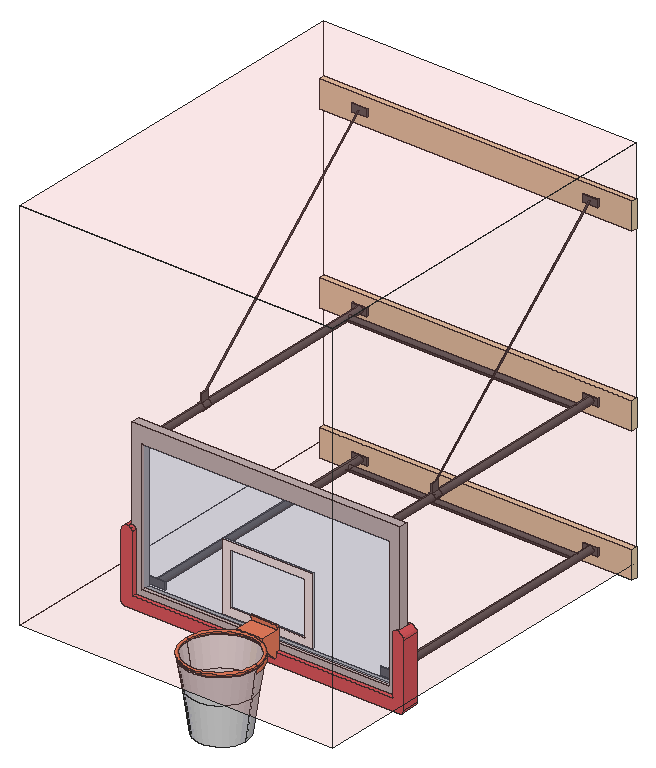
Revit family "Basketball_Backstop-Wall_Mount-Fold-IPIbyBison-IP12WF", category Specialty Equipment, Revit 2023
Family settings
  Round Connector Dimension = Use Diameter
  Part Type = Normal
  OmniClass Number = 23.40.50.34.14
  OmniClass Title = Gymnasium Equipment
  Work Plane-Based = Yes
  Enable Cutting in Views = No
  Always vertical = No
  Cut with Voids When Loaded = No
  Maintain Annotation Orientation = No
  Shared = No
  Room Calculation Point = No
Parameters (values of type "Wall Mounted Fold Up")
  wall distance text = "4 to 10 ft from Wall"
  Wall Plate Material = Wood - IPI by Bison
  Unit Width = 7' - 0"
  Unit Height [instance] = Stringer Height_First + 0' 2"  # 10' - 0"
  Unit Depth = 2' - 8"
  URL = "https://ipibybison.com/"
  Stringer Wood [instance] = Wood - IPI by Bison
  Stringer Height_Third [instance] = 4' - 0"
  Stringer Height_Second [instance] = 3' - 0"
  Stringer Height_First [instance] = 9' - 10"
  Specification = "https://www.arcat.com/company/ipi-by-bison-38554/spec"
  Rim Color [instance] = Plastic - IPI by Bison - Orange OR
  Range of Wall Distance [instance] = wall distance text  # "4 to 10 ft from Wall"
  Product Page URL = "https://www.arcat.com/arcatcos/cos38/arc38554.html"
  Net Color [instance] = Finish - IPI by Bison - White Netting
  Model = "IP12WF"
  Manufacturer = "IPI by Bison"
  Keynote = "11 66 00"
  Glass [instance] = Glass - IPI by Bison
  Frame Finish [instance] = Finish - IPI by Bison - Black
  Folding Clearance [instance] = ARCAT Clearance
  Description = "Basketball Frame and Backboard, Wall Mount"
  Default Elevation = 0' - 0"
  Copyright = "© 2023 ARCAT"  # constant formula
  Clearance Visible [instance] = yes
  CAD Details = "https://www.arcat.com/company/ipi-by-bison-38554/cad"
  Backboard Square Color [instance] = Finish - IPI by Bison - White
  Backboard Padding Color [instance] = Plastic - IPI by Bison - Scarlet SC
  Backboard Distance from Wall [instance] = 6' - 0"
  Backboard Color [instance] = Finish - IPI by Bison - Satin Aluminum
  Assembly Code = ""
Reference planes (in)
  plane 1 "Center (Front/Back)": y = 0
  plane 2 "Bottom": z = 0
  plane 3 "Center (Left/Right)": x = 0
  plane 4 "Left": x = -42
  plane 5 "Right": x = 42
  plane 6 "Top": z = 120
  plane 7: y = -72
  plane 8: y = -59.5813
  plane 9: z = 118
  plane 10: z = 154
  plane 11: z = 202
  plane 12: x = -31.00488
  plane 13: x = 31.00488
  plane 14: y = -69.5
  plane 15: y = -54
Forms (in)
  Extrusion 1, solid, material "Wood - IPI by Bison" <- "Stringer Wood"
    sketch origin (0, 0, 0) x (0, 1, 0) y (0, 0, 1)
      loop
        line (0, 198.375) -> (0, 205.625) -> (-1.5, 205.625) -> (-1.5, 198.375) -> (0, 198.375)
      loop
        line (0, 150.375) -> (0, 157.625) -> (-1.5, 157.625) -> (-1.5, 150.375) -> (0, 150.375)
      loop
        line (0, 114.375) -> (0, 121.625) -> (-1.5, 121.625) -> (-1.5, 114.375) -> (0, 114.375)
    from -42 to 42
  Extrusion 2, solid, material "Finish - IPI by Bison - Black" <- "Frame Finish"
    sketch origin (-31.00488, -180, 220.71867) x (0, 0, 1) y (0, -1, 0)
      loop
        line (-67.71867, -110.25) -> (-67.71867, -110.5) -> (-65.71867, -110.5) -> (-65.71867, -110.25) -> (-67.71867, -110.25)
      loop
        line (-101.71867, -110.25) -> (-103.71867, -110.25) -> (-103.71867, -110.5) -> (-101.71867, -110.5) -> (-101.71867, -110.25)
      loop
        line (-67.71867, -178.5) -> (-65.71867, -178.5) -> (-65.71867, -178.25) -> (-67.71867, -178.25) -> (-67.71867, -178.5)
      loop
        line (-103.71867, -178.5) -> (-101.71867, -178.5) -> (-101.71867, -178.25) -> (-103.71867, -178.25) -> (-103.71867, -178.5)
      loop
        line (-19.71867, -178.5) -> (-17.71867, -178.5) -> (-17.71867, -178.25) -> (-19.71867, -178.25) -> (-19.71867, -178.5)
    from 2 to -2
  Extrusion 3, solid, material "Finish - IPI by Bison - Black" <- "Frame Finish"
    sketch origin (31.00488, -180, 220.71867) x (0, 0, 1) y (0, -1, 0)
      loop
        line (-65.71867, -110.25) -> (-67.71867, -110.25) -> (-67.71867, -110.5) -> (-65.71867, -110.5) -> (-65.71867, -110.25)
      loop
        line (-103.71867, -110.25) -> (-103.71867, -110.5) -> (-101.71867, -110.5) -> (-101.71867, -110.25) -> (-103.71867, -110.25)
      loop
        line (-103.71867, -178.25) -> (-103.71867, -178.5) -> (-101.71867, -178.5) -> (-101.71867, -178.25) -> (-103.71867, -178.25)
      loop
        line (-67.71867, -178.25) -> (-67.71867, -178.5) -> (-65.71867, -178.5) -> (-65.71867, -178.25) -> (-67.71867, -178.25)
      loop
        line (-19.71867, -178.25) -> (-19.71867, -178.5) -> (-17.71867, -178.5) -> (-17.71867, -178.25) -> (-19.71867, -178.25)
    from 2 to -2
  Extrusion 4, solid, material "Finish - IPI by Bison - Black" <- "Frame Finish"
    sketch origin (31.00488, -1.75, 143) x (0, 0, 1) y (-1, 0, 0)
      loop
        circle (11, 62.00977) r 0.875
      loop
        circle (-25, 62.00977) r 0.875
      loop
        circle (11, 0) r 0.875
      loop
        circle (-25, 0) r 0.875
    from 0 to 67.75
  Extrusion 5, solid, material "Finish - IPI by Bison - Black" <- "Frame Finish"
    sketch origin (0, -54, 159.04229) x (0, 0, 1) y (1, 0, 0)
      loop
        line (-4.05404, 30.85203) -> (-1.80404, 30.85203) -> (-1.80404, 31.15773) -> (-4.05404, 31.15773)
        arc (-4.05404, 31.15773) -> (-6.04229, 31.00488) -> (-4.05404, 30.85203) r 1
      loop
        arc (-4.05404, -30.85203) -> (-6.04229, -31.00488) -> (-4.05404, -31.15773) r 1
        line (-4.05404, -31.15773) -> (-1.80404, -31.15773) -> (-1.80404, -30.85203) -> (-4.05404, -30.85203)
    from 1 to -1
  Sweep 6, solid, material "Finish - IPI by Bison - Black" <- "Frame Finish"
    path origin (0, 0, 0) x (0, 1, 0) y (0, 0, 1)
      loop
        line (-54, 156.75) -> (-2.09969, 202)
    profile origin (0, -28.04984, 179.375) x (0, -0.657165, 0.753747) y (1, 0, 0)
      loop
        circle (0, -31.00488) r 0.125
      loop
        circle (0, 31.00488) r 0.125
  Extrusion 7, solid, material "ARCAT Clearance" <- "Folding Clearance", visible <- "Clearance Visible"
    sketch origin (0, 0, 0) x (0, 1, 0) y (0, 0, 1)
      loop
        line (-102, 118) -> (0, 118) -> (0, 219) -> (-102, 219) -> (-102, 118)
    from -42 to 42
  Extrusion 8, solid, material "Finish - IPI by Bison - Black" <- "Frame Finish"
    sketch origin (0, 0, 0) x (0, 1, 0) y (0, 0, 1)
      loop
        circle (-6, 154) r 0.75
      loop
        circle (-6, 118) r 0.75
    from -31.00488 to 31.00488
Dimensions and locks (in)
  equal spacing: plane 4 "Left", plane 3 "Center (Left/Right)", plane 5 "Right"
  "Unit Width": plane 4 "Left" to plane 5 "Right"
  "Unit Height": plane 6 "Top" to level
  locked: plane 7 to plane 8 at 12.4187
  "Backboard Distance from Wall": plane 7 to plane 1 "Center (Front/Back)"
  "Stringer Height_First": plane 9 to level
  "Stringer Height_Second": plane 10 to plane 9
  "Stringer Height_Third": plane 11 to plane 10
  Extrusion 1 sketch curve to plane 9 to Extrusion 1 sketch curve = 0' - 3 5/8" locked, 0' - 3 5/8" locked
  Extrusion 1 sketch curve to plane 10 to Extrusion 1 sketch curve = 0' - 3 5/8" locked, 0' - 3 5/8" locked
  Extrusion 1 sketch curve to plane 11 to Extrusion 1 sketch curve = 0' - 3 5/8" locked, 0' - 3 5/8" locked
  Extrusion 2 sketch curve to plane 10 to Extrusion 2 sketch curve = 0' - 1" locked, 0' - 1" locked  (x2)
  plane 7 to Extrusion 2 sketch curve to Extrusion 2 sketch curve = 0' - 2 1/4" locked, 0' - 0 1/4" locked  (x2)
  Extrusion 2 sketch curve to plane 9 to Extrusion 2 sketch curve = 0' - 1" locked, 0' - 1" locked  (x2)
  Extrusion 2 sketch curve to plane 11 to Extrusion 2 sketch curve = 0' - 1" locked, 0' - 1" locked
  equal spacing: plane 13, plane 3 "Center (Left/Right)", plane 12
  locked: plane 13 to plane 12 at 62.00977
  locked: Extrusion 3 sketch curve to Extrusion 3 sketch curve at 0.25  (x5)
  Extrusion 3 sketch curve to plane 10 to Extrusion 3 sketch curve = 0' - 1" locked, 0' - 1" locked  (x2)
  Extrusion 3 sketch curve to plane 9 to Extrusion 3 sketch curve = 0' - 1" locked, 0' - 1" locked  (x2)
  locked: plane 7 to Extrusion 3 sketch curve at 2.25  (x2)
  Extrusion 3 sketch curve to plane 11 to Extrusion 3 sketch curve = 0' - 1" locked, 0' - 1" locked
  locked: Extrusion 4 sketch curve to plane 12
  locked: Extrusion 4 sketch curve to plane 10
  locked: plane 12 to Extrusion 4 sketch curve
  locked: plane 9 to Extrusion 4 sketch curve  (x2)
  locked: plane 13 to Extrusion 4 sketch curve
  locked: Extrusion 4 sketch curve to plane 13
  locked: plane 10 to Extrusion 4 sketch curve
  locked: plane 7 to plane 14 at 2.5
  locked: plane 7 to plane 15 at 18
  Extrusion 5 sketch curve to plane 13 to Extrusion 5 sketch curve to Extrusion 5 sketch curve = 0' - 0.15285" locked, 0' - 0" locked, 0' - 0.15285" locked
  Extrusion 5 sketch curve to plane 12 to Extrusion 5 sketch curve to Extrusion 5 sketch curve = 0' - 0.15285" locked, 0' - 0" locked, 0' - 0.15285" locked
  Extrusion 5 sketch curve to plane 10 to Extrusion 5 sketch curve = 0' - 3.23825" locked, 0' - 0" locked  (x2)
  locked: Sweep 6 sketch curve to plane 1 "Center (Front/Back)" at 2.09969
  locked: plane 11 to Sweep 6 sketch curve at 0
  locked: Sweep 6 sketch curve to plane 10 at 2.75
  locked: plane 15 to Sweep 6 sketch curve
  locked: Extrusion 3 sketch curve to plane 1 "Center (Front/Back)" at 1.5
  locked: Extrusion 7 sketch curve to plane 11 at 17
  locked: Extrusion 7 sketch curve to plane 7 at 30
  locked: Extrusion 8 sketch curve to plane 1 "Center (Front/Back)" at 6  (x2)
  locked: plane 10 to Extrusion 8 sketch curve at 0
  locked: plane 9 to Extrusion 8 sketch curve at 0
  aligned and locked: nested 1 to plane 8
  aligned and locked: Extrusion 1 to plane 4 "Left"
  aligned and locked: plane 5 "Right" to Extrusion 1
  aligned and locked: plane 14 to Extrusion 4
  aligned and locked: Extrusion 7 sketch curve to plane 9
  aligned and locked: plane 5 "Right" to Extrusion 7
  aligned and locked: Extrusion 7 to plane 4 "Left"
  aligned and locked: plane 13 to Extrusion 8
  aligned and locked: Extrusion 8 to plane 12
Automatic sketch dimensions
  Extrusion 5 sketch curve to Extrusion 5 sketch curve = 0' - 2 1/4"  (x2)
  Sweep 6 sketch curve to profile plane = 0' - 0"  (x2)
  Sweep 6 sketch curve to plane 3 "Center (Left/Right)" = 2' - 7.00488"
  plane 3 "Center (Left/Right)" to Sweep 6 sketch curve = 2' - 7.00488"
  Extrusion 1 sketch curve to plane 1 "Center (Front/Back)" = 0' - 0"  (x3)
  plane 1 "Center (Front/Back)" to Extrusion 1 sketch curve = 0' - 1 1/2"  (x3)
  plane 1 "Center (Front/Back)" to Extrusion 2 sketch curve = 0' - 1 3/4"  (x3)
  Extrusion 2 sketch curve to Extrusion 2 sketch curve = 0' - 0 1/4"  (x3)
  plane 1 "Center (Front/Back)" to Extrusion 3 sketch curve = 0' - 1 1/2"  (x2)
  Extrusion 7 sketch curve to plane 1 "Center (Front/Back)" = 0' - 0"
  radius of Sweep 6 sketch curve = 0' - 0 1/8"  (x2)
  radius of Extrusion 8 sketch curve = 0' - 0 3/4"  (x2)
  radius of Extrusion 4 sketch curve = 0' - 0 7/8"  (x4)
Nested families (in)
  nested 1: "Backboard_BA42XLGlass" at (0, -59.5813, 120) x (-1, 0, 0) z (0, 0, 1), backboard color <- "Backboard Color", backboard square color <- "Backboard Square Color", glass <- "Glass", rim finish <- "Rim Color", net color <- "Net Color", height offset <- "Unit Height", padding color <- "Backboard Padding Color", type "Backboard_BA42XLGlass"
    with rim finish Plastic - IPI by Bison - Orange OR, padding color Plastic - IPI by Bison - Scarlet SC, net color Finish - IPI by Bison - White Netting, height offset 10' - 0", glass Glass - IPI by Bison, frame finish none, backboard square color Finish - IPI by Bison - White, backboard color Finish - IPI by Bison - Satin Aluminum
Definition of nested family "Backboard_BA42XLGlass"
  Parameters (values of type "Backboard_BA42XLGlass")
    padding color [instance] = none
    net color [instance] = none
    rim finish [instance] = none
    height offset [instance] = 9' - 6"
    glass [instance] = none
    frame finish [instance] = none
    backboard square color [instance] = none
    backboard color [instance] = none
    Default Elevation = 4' - 0"
  Reference planes (in)
    plane 1 "Center (Front/Back)": y = 0
    plane 2: z = 0
    plane 3 "Center (Left/Right)": x = 0
    plane 4: z = -114
  Forms (in)
    Extrusion 1, solid, material <- "backboard color"
      sketch origin (-8.43545, 11.2937, 28.94441) x (1, 0, 0) y (0, 0, 1)
        loop
          line (-27.56455, 6.99989) -> (-27.56455, -35.00011) -> (44.43545, -35.00011) -> (44.43545, 6.99989) -> (-27.56455, 6.99989)
        loop
          line (41.81045, 2.74989) -> (-24.93955, 2.74989) -> (-24.93955, -32.37511) -> (41.81045, -32.37511) -> (41.81045, 2.74989)
      from 1.125 to -1.125
    Extrusion 2, solid, material <- "padding color"
      sketch origin (-8.43545, 11.2937, 29.06941) x (1, 0, 0) y (0, 0, 1)
        loop
          line (-27.55038, -17.62511) -> (-27.80038, -17.62511)
          arc (-27.80038, -17.62511) -> (-29.03781, -18.13767) -> (-29.55038, -19.37511) r 1.75
          line (-29.55038, -19.37511) -> (-29.55038, -36.12511)
          arc (-29.55038, -36.12511) -> (-29.25748, -36.83222) -> (-28.55038, -37.12511) r 1
          line (-28.55038, -37.12511) -> (45.44962, -37.12511)
          arc (45.44962, -37.12511) -> (46.15673, -36.83222) -> (46.44962, -36.12511) r 1
          line (46.44962, -36.12511) -> (46.44962, -19.37511)
          arc (46.44962, -19.37511) -> (45.93706, -18.13767) -> (44.69962, -17.62511) r 1.75
          line (44.69962, -17.62511) -> (44.42127, -17.62511)
          arc (44.42127, -17.62511) -> (43.71416, -17.918) -> (43.42127, -18.62511) r 1
          line (43.42127, -18.62511) -> (43.42127, -33.98376) -> (-26.55038, -33.98376) -> (-26.55038, -18.62511)
          arc (-26.55038, -18.62511) -> (-26.84327, -17.918) -> (-27.55038, -17.62511) r 1
      from -2.18697 to 2.14819
    Revolve 3, solid, material <- "net color"
      sketch origin (-8.43545, 27.4812, 28.93687) x (1, 0, 0) y (0, 0, 1)
        loop
          circle (-0.85808, -29.24642) r 0.3125
        loop
          line (-1.03195, -29.9762) -> (0.27041, -37.36226) -> (1.80132, -48.25521) -> (2.05377, -48.25521) -> (0.51737, -37.32314) -> (-0.77809, -29.9762) -> (-1.03195, -29.9762)
        axis (8.43545, -48.25521) -> (8.43545, -29.24642)
      angle from 0 to 360
    Revolve 4, solid, material <- "rim finish"
      sketch origin (0.02792, 11.2937, 0) x (0, 1, 0) y (0, 0, 1)
        loop
          line (6.79001, -0.625) -> (6.54001, -0.625) -> (6.54001, -2.125) -> (6.79001, -2.125) -> (6.79001, -0.625)
        axis (16.04001, -2.125) -> (16.04001, -0.625)
      angle from -90 to 90
    Extrusion 5, solid, material <- "rim finish"
      sketch origin (0, 0, 0) x (0, 1, 0) y (0, 0, 1)
        loop
          line (17.69724, 0) -> (12.8212, 0) -> (13.12361, 1.21287) -> (12.79369, 1.29513) -> (12.47078, 0) -> (12.47078, -6.5) -> (13.63137, -6.5) -> (17.69724, -2.43414) -> (17.69724, 0)
      from -3.50075 to 3.49925
    Extrusion 6, solid, material <- "backboard square color"
      sketch origin (0.02792, 11.2937, 0) x (1, 0, 0) y (0, 0, 1)
        loop
          line (-12.02792, 16.0023) -> (-12.02792, -1.9977) -> (11.97208, -1.9977) -> (11.97208, 16.0023) -> (-12.02792, 16.0023)
        loop
          line (-10.02792, 14.0023) -> (-10.02792, 0) -> (9.97208, 0) -> (9.97208, 14.0023) -> (-10.02792, 14.0023)
      from -0.44333 to 0.05679
    Extrusion 7, solid, material <- "glass"
      sketch origin (0.02792, 11.2937, 0) x (1, 0, 0) y (0, 0, 1)
        loop
          line (-33.40292, 31.6943) -> (-33.40292, -3.4307) -> (33.34708, -3.4307) -> (33.34708, 31.6943) -> (-33.40292, 31.6943)
      from -0.405 to 0
  Lines and regions (in)
    model lines
      curve 1: line (-0.00075, 0, 0) -> (-0.00075, 0, -114)
  Dimensions and locks (in)
    "height offset": level to plane 4
    aligned and locked: plane 2 to level
    aligned and locked: plane 4 to curve 1
  Automatic sketch dimensions
    curve 1 to level = 0' - 0"
    curve 1 to plane 3 "Center (Left/Right)" = 0' - 0.00075"
    Extrusion 1 sketch curve to plane 3 "Center (Left/Right)" = 3' - 0"
    Extrusion 1 sketch curve to Extrusion 1 sketch curve = 0' - 2 5/8"  (x2)
    plane 3 "Center (Left/Right)" to Extrusion 1 sketch curve = 2' - 9 3/8"
    Extrusion 1 sketch curve to level = 0' - 6.0557"
    Extrusion 1 sketch curve to level = 0' - 3.4307"
    level to Extrusion 1 sketch curve = 2' - 7.6943"
    Extrusion 1 sketch curve to Extrusion 1 sketch curve = 0' - 4 1/4"
    level to Extrusion 2 sketch curve = 0' - 9.6943"
    Extrusion 2 sketch curve to plane 3 "Center (Left/Right)" = 3' - 1.98582"
    Extrusion 2 sketch curve to Extrusion 2 sketch curve = 0' - 1"  (x4)
    Extrusion 2 sketch curve to Extrusion 2 sketch curve = 0' - 1 3/4"
    Extrusion 2 sketch curve to Extrusion 2 sketch curve = 0' - 0 1/4"
    level to Extrusion 2 sketch curve = 0' - 10.4443"
    plane 3 "Center (Left/Right)" to Extrusion 2 sketch curve = 2' - 10.98582"
    Extrusion 2 sketch curve to Extrusion 2 sketch curve = 0' - 0.27835"
    Extrusion 2 sketch curve to Extrusion 2 sketch curve = 0' - 2.02835"
    Extrusion 2 sketch curve to level = 0' - 4.91435"
    Extrusion 2 sketch curve to Extrusion 2 sketch curve = 0' - 2.14135"
    Revolve 3 sketch curve to plane 3 "Center (Left/Right)" = 0' - 0"
    Revolve 3 sketch curve to plane 3 "Center (Left/Right)" = 0' - 6.38167"
    Revolve 3 sketch curve to Revolve 3 sketch curve = 0' - 0.25246"
    Revolve 3 sketch curve to plane 3 "Center (Left/Right)" = 0' - 7.91808"
    Revolve 3 sketch curve to Revolve 3 sketch curve = 0' - 0.24696"
    Revolve 3 sketch curve to level = 0' - 1.03933"
    Revolve 3 sketch curve to Revolve 3 sketch curve = 0' - 1.0485"
    Revolve 3 sketch curve to level = 0' - 0.30954"
    Revolve 3 sketch curve to Revolve 3 sketch curve = 0' - 0.07999"
    Revolve 3 sketch curve to Revolve 3 sketch curve = 0' - 0.25386"
    Revolve 3 sketch curve to Revolve 3 sketch curve = 0' - 7.34694"
    Revolve 3 sketch curve to Revolve 3 sketch curve = 0' - 0.03911"
    Revolve 3 sketch curve to Revolve 3 sketch curve = 0' - 10.89295"
    Revolve 3 sketch curve to level = 0' - 0.00754"
    level to Revolve 3 sketch curve = 0' - 2.99246"
    Revolve 4 sketch curve to level = 0' - 2 1/8"
    Revolve 4 sketch curve to plane 1 "Center (Front/Back)" = 1' - 5.83371"
    Revolve 4 sketch curve to Revolve 4 sketch curve = 0' - 0 1/4"
    Revolve 4 sketch curve to level = 0' - 0 5/8"  (x2)
    Revolve 4 sketch curve to Revolve 4 sketch curve = 0' - 9 1/4"
    level to Revolve 4 sketch curve = 0' - 3 1/8"
    Extrusion 5 sketch curve to level = 0' - 0"  (x2)
    Extrusion 5 sketch curve to plane 1 "Center (Front/Back)" = 1' - 0.47078"
    level to Extrusion 5 sketch curve = 0' - 1.29513"
    Extrusion 5 sketch curve to Extrusion 5 sketch curve = 0' - 0.32291"
    Extrusion 5 sketch curve to Extrusion 5 sketch curve = 0' - 0.35043"
    Extrusion 5 sketch curve to Extrusion 5 sketch curve = 0' - 1.16059"
    Extrusion 5 sketch curve to Extrusion 5 sketch curve = 0' - 4.57363"
    Extrusion 5 sketch curve to Extrusion 5 sketch curve = 0' - 2.43414"
    Extrusion 5 sketch curve to Extrusion 5 sketch curve = 0' - 6 1/2"
    Extrusion 6 sketch curve to level = 0' - 0"
    Extrusion 6 sketch curve to level = 0' - 1.9977"
    Extrusion 6 sketch curve to plane 3 "Center (Left/Right)" = 1' - 0"
    Extrusion 6 sketch curve to Extrusion 6 sketch curve = 0' - 2"  (x3)
    plane 3 "Center (Left/Right)" to Extrusion 6 sketch curve = 0' - 10"
    Extrusion 6 sketch curve to Extrusion 6 sketch curve = 1' - 2.0023"
    Extrusion 7 sketch curve to plane 3 "Center (Left/Right)" = 2' - 9 3/8"
    Extrusion 7 sketch curve to level = 0' - 3.4307"
    plane 3 "Center (Left/Right)" to Extrusion 7 sketch curve = 2' - 9 3/8"
    level to Extrusion 7 sketch curve = 2' - 7.6943"
    radius of Revolve 3 sketch curve = 0' - 0 5/16"
